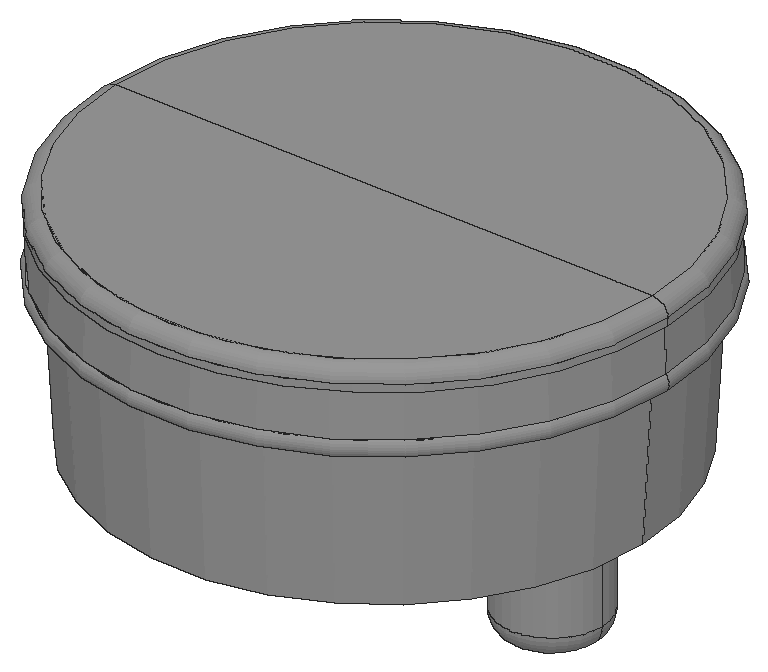
Revit family "L&L_LUCE&LIGHT_BRIGHT_4.7", category Lighting Fixtures, host Floor, Revit 2018
Family settings
  Host = Floor
  Round Connector Dimension = Use Diameter
  Part Type = Normal
  Always vertical = Yes
  Cut with Voids When Loaded = No
  Light Source = Yes
  Shared = No
  Room Calculation Point = No
Parameters (values of type "BRIGHT 4.7 3000K - Radial")
  Wattage = 2 W
  WEIGHT KG = 0.4
  built-in parameter 1150110 = 1 (stored number, unit not read)
  URL IMAGE = "https://www.lucelight.it/media/prodotti/foto/bright_4.7_still.jpg"
  URL DXF = "https://www.lucelight.it/media/prodotti/dxf/bright_4.7.dxf"
  URL DESCRIPTION = "https://www.lucelight.it/en/capitolato.php/7738"
  URL CATALOGUE = "https://www.lucelight.it/media/prodotti/brochure/bright_4.7_brochure_en.pdf"
  URL ACCESSORIES DXF 3 = "https://www.lucelight.it/media/accessori/dxf/wc0150.dxf"
  URL ACCESSORIES DXF 2 = "https://www.lucelight.it/media/accessori/dxf/wc0103.dxf"
  URL ACCESSORIES DXF = "https://www.lucelight.it/media/accessori/dxf/wc0100.dxf"
  URL = "https://www.lucelight.it/en/\r\nhttps://www.lucelight.it/en/\r\nhttps://www.lucelight.it/en/\r\nhttps://www.lucelight.it/en/\r\nhttps://www.lucelight.it/en/\r\nhttps://www.lucelight.it/en/\r\nhttps://www.lucelight.it/en/\r\nhttps://www.lucelight.it/en/\r\nhttps://www.lucelight.it/en/"
  Type Comments = "Recessed (floor)"
  built-in parameter 1114217 = 1 (stored number, unit not read)
  Tilt Angle = -90.00°
  built-in parameter 1150109 = 1 (stored number, unit not read)
  built-in parameter 1150134 = (empty or 0)
  TRIM MATERIAL = AISI 316L STAINLESS STEEL
  TECHNICAL SHEET = "https://www.lucelight.it/media/prodotti/st/ST_BRIGHT_47.pdf"
  built-in parameter 1150113 = 1 (stored number, unit not read)
  SCREEN MATERIAL = PMMA PLASTIC
  Photometric Web File = "BRIGHT 4.7 R [3000K 2W 24Vdc].IES"
  PROTECTION LEVEL = "IP 68"
  PRODUCT CODE CONFIGURATOR = "https://www.lucelight.it/en/prodotto.php/7738#a-generacodice"
  POWER SUPPLY = "24 Vdc"
  POWER CONSUMPTION = "2 W"
  PHOTOMETRIC CURVE = "BRIGHT 4.7 R [3000K 2W 24Vdc]"
  Model = "BRIGHT 4.7"
  Manufacturer = "L&L Luce&light"
  MATERIAL DESCRIPTION = "Body: anodized aluminium; Trim: stainless steel; Screen: PMMA plastic"
  built-in parameter 1150105 = 22.767 (stored number, unit not read)
  Lumens = 96 lm
  built-in parameter 1150115 = 1 (stored number, unit not read)
  built-in parameter 1150137 = (empty or 0)
  built-in parameter 1150139 = (empty or 0)
  built-in parameter 1150112 = 1 (stored number, unit not read)
  built-in parameter 1150114 = 1 (stored number, unit not read)
  Lamp = "LED colour white: 2700K, 3000K, 4000K"
  built-in parameter 1150132 = (empty or 0)
  built-in parameter 1150102 = (empty or 0)
  built-in parameter 1150107 = 3000 (stored number, unit not read)
  built-in parameter 1150138 = (empty or 0)
  built-in parameter 1150106 = 0.22767 (stored number, unit not read)
  ILLUMINITECHNICAL PERFORMANCE = "3000K - 2W - 24Vdc"
  HEIGHT = 41 mm
  Emit from Circle Diameter = 609.6 mm
  Emit Shape Visible in Rendering = no
  built-in parameter 1150104 = 4.4593 (stored number, unit not read)
  ENERGY EFFIECIENCY CLASS = "A / A+ / A++"
  Dimming Lamp Color Temperature Shift = <None>
  Description = "Recessed for outdoor applications"
  DIAMETER = 78 mm
  Color Filter = 16777215
  built-in parameter 1114218 = 1 (stored number, unit not read)
  BODY MATERIAL = ANODIZED ALUMINIUM
  BIM USER MANUAL = "https://img.edilportale.com/bim/LUCE-LIGHT-BIM-user-manual-en-L-L-Luce-Light-bim.pdf"
  BIM BADGE = "https://bim.archiproducts.com/en/badge/bim-archiproducts-featured_658700/about"
  BIM AUTHOR = "https://bim.archiproducts.com"
  built-in parameter 1150133 = 10 (stored number, unit not read)
  ACCESSORIES = "Outer casing"
Reference planes
  plane 1 "Center (Front/Back)": y = 0
  plane 2: z = 0
  plane 3 "Center (Left/Right)": x = 0
Forms (mm)
  Revolve 1, solid, material "AISI 316L STAINLESS STEEL" <- "TRIM MATERIAL", detail levels medium+fine
    sketch origin (-204.567, 0, -349.72) x (1, 0, 0) y (0, 0, 1)
      loop
        arc (167.721, 360.72) -> (166.307, 360.134) -> (165.721, 358.72) r 2
        line (165.721, 358.72) -> (165.721, 357.72) -> (204.567, 357.72) -> (204.567, 360.72) -> (167.721, 360.72)
      axis (204.567, 360.72) -> (204.567, 357.72)
    angle from 0 to 360
  Revolve 2, solid, material "PMMA PLASTIC" <- "SCREEN MATERIAL", detail levels medium+fine
    sketch origin (-204.567, 0, -349.72) x (1, 0, 0) y (0, 0, 1)
      loop
        line (166.009, 351.72) -> (204.567, 351.72) -> (204.567, 357.72) -> (166.167, 357.72) -> (166.009, 351.72)
      axis (204.567, 357.72) -> (204.567, 351.72)
    angle from 0 to 360
  Revolve 3, solid, material "PMMA PLASTIC" <- "SCREEN MATERIAL", detail levels medium+fine
    sketch origin (-204.567, 0, -349.72) x (1, 0, 0) y (0, 0, 1)
      loop
        arc (166.009, 351.72) -> (165.567, 350.746) -> (165.865, 349.72) r 1.539
        line (165.865, 349.72) -> (167.965, 349.72) -> (169.2, 329.72) -> (204.567, 329.72) -> (204.567, 351.72) -> (166.009, 351.72)
      axis (204.567, 329.72) -> (204.567, 351.72)
    angle from 0 to 360
  Revolve 4, solid, material "AISI 316L STAINLESS STEEL" <- "TRIM MATERIAL", detail levels medium+fine
    sketch origin (-185.173, 0, -167.364) x (-1, 0, 0) y (0, 0, 1)
      loop
        line (-201.245, 147.364) -> (-208.173, 147.364) -> (-208.173, 132.364) -> (-203.745, 132.364)
        arc (-203.745, 132.364) -> (-201.952, 133.411) -> (-201.245, 135.364) r 3.05
        line (-201.245, 135.364) -> (-201.245, 147.364)
      axis (-208.173, 147.364) -> (-208.173, 132.364)
    angle from 0 to 360
Lines and regions (mm)
  model lines, detail levels coarse
    curve 1: circle (0, 0, 0) r 39 normal (0, 0, 1)
    curve 2: line (27.577, -27.577, 0) -> (-27.577, 27.577, 0)
    curve 3: line (-27.506, -27.649, 0) -> (27.649, 27.506, 0)
    curve 4: circle (0, 0, 0) r 39 normal (0, 0, -1)
Dimensions and locks
  aligned and locked: level to plane 2
Connectors
  electrical at (23, 0, -35)
    settings: on Revolve 4, index 1, voltage 0 V, apparent load 0 VA, apparent load phase1 0 VA, apparent load phase2 0 VA, apparent load phase3 0 VA, power factor 1, load classification "Other", number of poles 1, system type 31, power factor state 1, is connector primary yes, connector utility no, sub classification motor no, connector description ""
